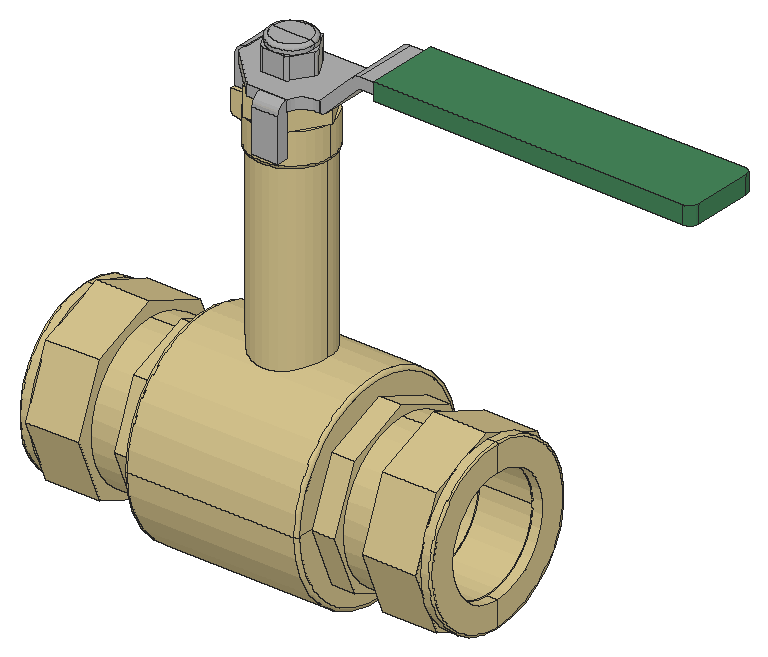
Revit family "QD24450000", category Apparecchi idraulici, Revit 2016
Family settings
  Tipo di parte = Normale
  Quota connettore circolare = Usa diametro
  Numero OmniClass = 23.45.00.00
  Titolo OmniClass = Sanitary, Laundry, and Cleaning Equipment
  Basato su piano di lavoro = No
  Sempre verticale = Sì
  Taglio con vuoti quando caricato = No
  Condiviso = No
  Punto di calcolo locali = No
Parameters
  URL = "https://web.cimberio.it/index.php/figura/1637?subcategoria_id=42864"
  Produttore = "CIMBERIO SPA"
  DN Model [instance] = QD24455035 : QD24455035
  DN [instance] = 32 mm
Reference planes
  plane 1 "Centro (Fronte/Retro)": y = 0
  plane 2: z = 0
  plane 3 "Centro (Sinistra/Destra)": x = 0
Dimensions and locks
  aligned and locked: level to plane 2
Nested families
  nested 1: "QD24455035" at (0, 0, 0), type <- "DN Model", type "QD24455035"
    with DN 10 mm
  nested 2: "QD24455035" at (0, 0, 0), type <- "DN Model", type "QD24455035"
    with DN 10 mm
  nested 3: "QD24455035" at (0, 0, 0), type <- "DN Model", type "QD24455035"
    with DN 10 mm
  nested 4: "QD24455035" at (0, 0, 0), type <- "DN Model", type "QD24455035"
    with DN 10 mm
  nested 5: "QD24455035" at (0, 0, 0), type <- "DN Model", type "QD24455035"
    with DN 10 mm
  nested 6: "QD24455035" at (0, 0, 0), type <- "DN Model", type "QD24455035"
    with DN 10 mm
  nested 7: "QD24455035" at (0, 0, 0), type <- "DN Model", type "QD24455035"
    with DN 10 mm
Connectors
  piping at (54.841, 0, 0), diameter 32, driven by "DN"
    settings: on nested 1, index 1, connector inside diameter 609.6 mm, connector length 0 mm, flow factor 0, pipe flow 0.0 L/s, pressure drop 0.0 Pa, fitting loss kfactor 0, connector angle 0.00°, fixture units 0, engagement length 0 mm, angle of deflection 0.00°, flow configuration 0, flow direction 0, fitting loss method 0, system type 7, joint type 0, gender type 0, connector reference index -1, connector utility 0, adjustable connector no, is connector primary yes, connector description ""
  piping at (-54.841, 0, 0), diameter 32, driven by "DN"
    settings: on nested 1, index 2, connector inside diameter 609.6 mm, connector length 0 mm, flow factor 0, pipe flow 0.0 L/s, pressure drop 0.0 Pa, fitting loss kfactor 0, connector angle 0.00°, fixture units 0, engagement length 0 mm, angle of deflection 0.00°, flow configuration 0, flow direction 0, fitting loss method 0, system type 7, joint type 0, gender type 0, connector reference index -1, connector utility 0, adjustable connector no, is connector primary no, connector description ""
Definition of nested family "QD24455035"
  Parameters (values of type "QD24455035")
    DN [instance] = 10 mm  # constant formula
  Reference planes
    plane 1 "Centro (Fronte/Retro)": y = 0
    plane 2: z = 0
    plane 3 "Centro (Sinistra/Destra)": x = 0
  Forms (mm)
    Revolve 1, solid
      sketch origin (0, 0, 0) x (1, 0, 0) y (0, 1, 0)
        loop
          arc (-23.35, 28.5) -> (-24.057, 28.207) -> (-24.35, 27.5) r 1
          line (-24.35, 27.5) -> (-24.35, 16) -> (24.35, 16) -> (24.35, 27.5)
          arc (24.35, 27.5) -> (24.057, 28.207) -> (23.35, 28.5) r 1
          line (23.35, 28.5) -> (-23.35, 28.5)
        axis (-24.35, 0) -> (24.35, 0)
      angle from 0 to 360
    Revolve 2, solid
      sketch origin (0, 0, 18.5) x (1, 0, 0) y (0, 0, 1)
        loop
          line (0, 69) -> (0, 4.025) -> (10.25, 4.025) -> (10.25, 59.6)
          arc (10.25, 59.6) -> (10.783, 59.851) -> (11, 60.398) r 0.8
          line (11, 60.398) -> (11, 69) -> (0, 69)
        axis (0, 69) -> (0, 4.025)
      angle from 0 to 360
    Extrusion 3, solid
      sketch origin (0, 0, 18.5) x (1, 0, 0) y (0, 0, 1)
        loop
          line (-16, 69) -> (-16, 63.367)
          arc (-16, 63.367) -> (-15.794, 62.76) -> (-15.261, 62.402) r 1
          line (-15.261, 62.402) -> (-9.887, 60.962) -> (-9.887, 69) -> (-16, 69)
      from 0 to 1.289
    Extrusion 4, solid
      sketch origin (0, 0, 47.05) x (1, 0, 0) y (0, 1, 0)
        loop
          line (5.774, 10) -> (-5.774, 10) -> (-11.547, 0) -> (-5.774, -10) -> (5.774, -10) -> (11.547, 0) -> (5.774, 10)
      from 40.45 to 48.35
    Extrusion 5, solid
      sketch origin (0, 0, 47.05) x (1, 0, 0) y (0, 1, 0)
        loop
          line (-13, -2.3) -> (-2.3, -13) -> (9.101, -13)
          arc (9.101, -13) -> (11.246, -9.815) -> (15, -9.01) r 5.131
          line (15, -9.01) -> (15, 9) -> (-13, 9) -> (-13, -2.3)
      from 48.35 to 51.35
    Extrusion 6, solid
      sketch origin (-1.801, 0, 18.5) x (1, 0, 0) y (0, 0, 1)
        loop
          arc (-11.185, 79.9) -> (-13.316, 79.026) -> (-14.2, 76.899) r 3.001
          line (-14.2, 76.899) -> (-14.2, 65.398) -> (-11.185, 65.398) -> (-11.185, 79.9)
      from -9.01 to 0
    Extrusion 7, solid
      sketch origin (-11, -1.801, 18.5) x (0, 0, 1) y (0, 1, 0)
        loop
          line (79.9, -11.199) -> (64.9, -11.199) -> (64.9, -14.199) -> (76.9, -14.199)
          arc (76.9, -14.199) -> (79.021, -13.32) -> (79.9, -11.199) r 3
      from -20 to -12.7
    Revolve 8, solid
      sketch origin (0, 0, 18.5) x (1, 0, 0) y (0, 0, 1)
        loop
          line (0, 87.9) -> (0, 85.9) -> (6.25, 85.9) -> (6.25, 86.9)
          arc (6.25, 86.9) -> (5.957, 87.607) -> (5.25, 87.9) r 1
          line (5.25, 87.9) -> (0, 87.9)
        axis (0, 87.9) -> (0, 85.9)
      angle from 0 to 360
    Extrusion 9, solid
      sketch origin (0, 0, 47.05) x (0.978151, 0.207898, 0) y (-0.207898, 0.978151, 0)
        loop
          line (-2.837, 6.559) -> (-6.849, 2.103)
          arc (-6.849, 2.103) -> (-7.147, 1.519) -> (-7.112, 0.865) r 1.266
          line (-7.112, 0.865) -> (-5.258, -4.841)
          arc (-5.258, -4.841) -> (-4.882, -5.422) -> (-4.265, -5.736) r 1.336
          line (-4.265, -5.736) -> (1.577, -6.978)
          arc (1.577, -6.978) -> (2.256, -6.942) -> (2.825, -6.572) r 1.312
          line (2.825, -6.572) -> (6.834, -2.119)
          arc (6.834, -2.119) -> (7.141, -1.518) -> (7.106, -0.844) r 1.304
          line (7.106, -0.844) -> (5.258, 4.844)
          arc (5.258, 4.844) -> (4.882, 5.422) -> (4.267, 5.735) r 1.333
          line (4.267, 5.735) -> (-1.56, 6.974)
          arc (-1.56, 6.974) -> (-2.254, 6.937) -> (-2.837, 6.559) r 1.343
      from 51.35 to 57.35
    Extrusion 10, solid
      sketch origin (0, 0, 18.5) x (1, 0, 0) y (0, 0, 1)
        loop
          line (15, 79.9) -> (15, 76.9)
          arc (15, 76.9) -> (16.148, 77.128) -> (17.121, 77.779) r 3
          line (17.121, 77.779) -> (26.243, 86.9) -> (31.003, 86.9) -> (31.003, 89.9) -> (26.243, 89.9)
          arc (26.243, 89.9) -> (25.095, 89.672) -> (24.121, 89.021) r 3
          line (24.121, 89.021) -> (15, 79.9)
      from -9 to 9.01
    Extrusion 11, solid
      sketch origin (0, 0, 47.05) x (1, 0, 0) y (0, 1, 0)
        loop
          arc (120.997, 8.246) -> (120.26, 10.026) -> (118.48, 10.763) r 2.517
          line (118.48, 10.763) -> (31.003, 10) -> (31.003, -10) -> (118.48, -10.763)
          arc (118.48, -10.763) -> (120.259, -10.037) -> (120.997, -8.263) r 2.5
          line (120.997, -8.263) -> (120.997, 8.246)
      from 57.35 to 62.35
    Extrusion 12, solid
      sketch origin (-11, 0, 0) x (0, 0, 1) y (0, 1, 0)
        loop
          circle (0, 0) r 16
        loop
          line (23.5, 0) -> (16.617, 16.617) -> (0, 23.5) -> (-16.617, 16.617) -> (-23.5, 0) -> (-16.617, -16.617) -> (0, -23.5) -> (16.617, -16.617) -> (23.5, 0)
      from 10.35 to 20
    Revolve 13, solid
      sketch origin (0, 0, 0) x (1, 0, 0) y (0, 0, 1)
        loop
          line (-31, 20.9) -> (-39.841, 20.9) -> (-39.841, 16) -> (-31, 16) -> (-31, 20.9)
        axis (-39.841, 0) -> (-31, 0)
      angle from 0 to 360
    Extrusion 14, solid
      sketch origin (-11, 0, 0) x (0, 0, 1) y (0, 1, 0)
        loop
          circle (0, 0) r 16
        loop
          line (25, 0) -> (17.678, 17.678) -> (0, 25) -> (-17.678, 17.678) -> (-25, 0) -> (-17.678, -17.678) -> (0, -25) -> (17.678, -17.678) -> (25, 0)
      from 28.841 to 43.841
    Revolve 15, solid
      sketch origin (0, 0, 0) x (1, 0, 0) y (0, 0, 1)
        loop
          line (-54.841, 23.5) -> (-57.344, 23.5)
          arc (-57.344, 23.5) -> (-57.695, 23.354) -> (-57.841, 23.003) r 0.497
          line (-57.841, 23.003) -> (-57.841, 16) -> (-54.841, 16) -> (-54.841, 23.5)
        axis (-57.841, 0) -> (-54.841, 0)
      angle from 0 to 360
    Revolve 16, solid
      sketch origin (0, 0, 0) x (-1, 0, 0) y (0, 0, -1)
        loop
          line (-31, -20.9) -> (-31, -16) -> (-39.841, -16) -> (-39.841, -20.9) -> (-31, -20.9)
        axis (-39.841, 0) -> (-31, 0)
      angle from 0 to 360
    Extrusion 17, solid
      sketch origin (11, 0, 0) x (0, 0, 1) y (0, -1, 0)
        loop
          circle (0, 0) r 16
        loop
          line (25, 0) -> (17.678, 17.678) -> (0, 25) -> (-17.678, 17.678) -> (-25, 0) -> (-17.678, -17.678) -> (0, -25) -> (17.678, -17.678) -> (25, 0)
      from 28.841 to 43.841
    Revolve 18, solid
      sketch origin (0, 0, 0) x (-1, 0, 0) y (0, 0, -1)
        loop
          line (-54.841, -23.5) -> (-54.841, -16) -> (-57.841, -16) -> (-57.841, -23.003)
          arc (-57.841, -23.003) -> (-57.695, -23.354) -> (-57.344, -23.5) r 0.497
          line (-57.344, -23.5) -> (-54.841, -23.5)
        axis (-57.841, 0) -> (-54.841, 0)
      angle from 0 to 360
    Extrusion 19, solid
      sketch origin (11, 0, 0) x (0, 0, 1) y (0, -1, 0)
        loop
          circle (0, 0) r 16
        loop
          line (23.5, 0) -> (16.617, 16.617) -> (0, 23.5) -> (-16.617, 16.617) -> (-23.5, 0) -> (-16.617, -16.617) -> (0, -23.5) -> (16.617, -16.617) -> (23.5, 0)
      from 10.35 to 20
  Dimensions and locks
    aligned and locked: level to plane 2
